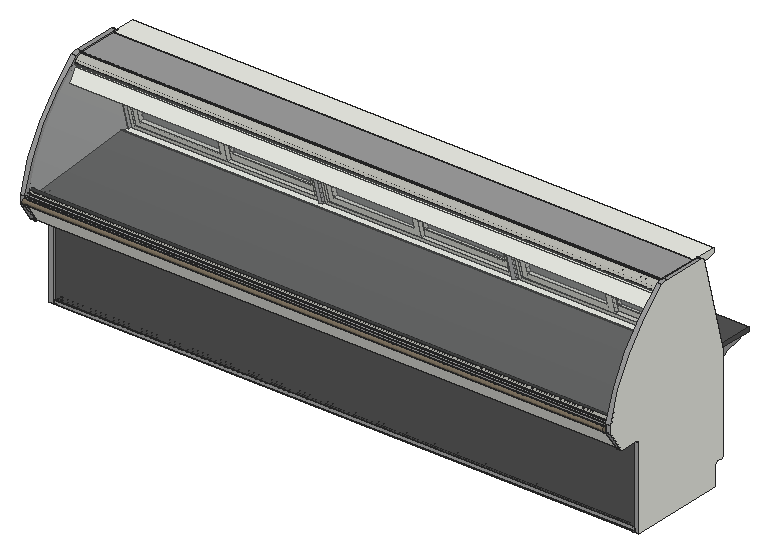
Revit family "CR1-FN_2014", category Specialty Equipment, Revit 2014
Parameters (values of type "12'-0" Length")
  Width = 144"
  Waste Drain = 1 1/2"  # constant formula
  URL = "www.hussmann.com"
  Type Comments = "Chino"  # constant formula
  Trim = Stainless Steel
  Total Weight = Case Weight + (2 * End Weight)  # 0.00 lbf
  Splashguard = Textured Sheet Metal (Steel Painted) - 701 Black
  Side Panel - Right [instance] = yes
  Side Panel - Left [instance] = yes
  Shelves = Sheet Metal (Steel Painted) - 701 Black
  Revit Family Date = "04/20/2016"  # constant formula
  Refrigeration Lines Suction = 5/8"  # constant formula
  Refrigeration Lines Liquid = 3/8"  # constant formula
  Refrig. Suction = "Suction"
  Refrig. Liquid = "Liquid"
  Number of Supports = if(Width < 50", 2, if(Width < 100", 3, 4))  # 4
  Note from Manufacturer = "This model only comes in 4'-0\", 5'-0\", 6'-0\", 8'-0\", 10'-0\" and 12'-0\" lengths."
  Model URL = "http://www.hussmann.com/en/product%20viewer/display-cases/R1-MN,%20CR1-MN,%20R1-FN,%20CR1-FN"
  Model = "CR1-FN"  # constant formula
  Manufacturer Disclaimer = "The information in this file is not intended to be an exact representation of the corresponding Hussmann product.  Further, we reserve the right to change or revise specifications and product design in connection with any feature of our products. Such changes do not entitle the buyer to corresponding changes, improvements, additions, or replacements for equipment previously sold or shipped."  # constant formula
  Manufacturer = "Hussmann Corporation"  # constant formula
  Height = 52 1/4"  # constant formula
  Glazing = Glass
  Ends = Textured Sheet Metal (Steel Painted) - 149 White Satin Matte
  End Weight = 0.00 lbf  # constant formula
  Door Frame = Plastic - 144 Mist Gray
  Description = "Narrow Footprint Service Merchandiser for Fresh Seafood - Curved Glass"  # constant formula
  Depth = 35 1/4"  # constant formula
  Cutsheet URL = "http://www.hussmann.com/en/Technical%20Documents/R1-MN,%20R1-FN_ds_En.pdf"
  Close Off Panel = Textured Sheet Metal (Steel Painted) - 701 Black
  Case Weight = if(Width = 48", 0.00 lbf, if(Width = 60", 0.00 lbf, if(Width = 72", 0.00 lbf, if(Width = 96", 0.00 lbf, if(Width = 120", 0.00 lbf, if(Width = 144", 0.00 lbf, 0.00 lbf))))))  # 0.00 lbf
  Case Top Shelf = Stainless Steel
  Case Interior - Side Panel = Stainless Steel
  Case Interior - Back Panel = Stainless Steel
  Case = Textured Sheet Metal (Steel Painted) - 149 White Satin Matte
  Bumper = Extruded PVC - 747 Chocolate Brown
  Assembly Code = ""
  Accessories/Options = ""
  8 Case = Width = 96"  # no
  6 Case = Width = 72"  # no
  5 Case = Width = 60"  # no
  4 Case = Width = 48"  # no
  12 Case = Width = 144"  # yes
  10 Case = Width = 120"  # no
Reference planes (in)
  plane 1 "Back": y = 0
  plane 2 "Bottom": z = 0
  plane 3 "Left": x = -77.30699
  plane 4 "Front": y = -35.25
  plane 5 "Center (Left/Right)": x = -5.30699
  plane 6: x = -78.43199
  plane 7 "Right": x = 66.69301
  plane 8: x = 67.81801
  plane 9: z = 30
  plane 10: z = 52.25
Forms (in)
  Extrusion 1, solid, material "Metal - Copper"
    sketch origin (57.40105, 5, -0.375) x (1, 0, 0) y (0, 1, 0)
      loop
        circle (6.97946, -27.375) r 0.28859
      loop
        circle (6.97946, -27.375) r 0.3125
    from 23.80406 to 0.375
  Extrusion 2, solid, material "Metal - Copper"
    sketch origin (59.82608, 5, -0.375) x (1, 0, 0) y (0, 1, 0)
      loop
        circle (5.05443, -27.375) r 0.17188
      loop
        circle (5.05443, -27.375) r 0.1875
    from 23.80406 to 0.375
  Extrusion 3, solid, material "Metal - Copper"
    sketch origin (-56.6875, 1.04319, 0) x (1, 0, 0) y (0, 1, 0)
      loop
        arc (57.38051, -17.29319) -> (56.85018, -17.51286) -> (56.63051, -18.04319) r 0.75
        arc (56.63051, -18.04319) -> (56.85018, -18.57352) -> (57.38051, -18.79319) r 0.75
        arc (57.38051, -18.79319) -> (57.91084, -18.57352) -> (58.13051, -18.04319) r 0.75
        arc (58.13051, -18.04319) -> (57.91084, -17.51286) -> (57.38051, -17.29319) r 0.75
      loop
        circle (57.38051, -18.04319) r 0.7102
    from 24.99156 to 0
  Extrusion 4, solid, material "Textured Sheet Metal (Steel Painted) - 149 White Satin Matte" <- "Case"
    sketch origin (-77.30699, 0, 0) x (0, 1, 0) y (0, 0, 1)
      loop
        line (-30.84172, 21.06432) -> (-25.27514, 21.06432) -> (-25.27514, 23.42906) -> (-3.34539, 23.42906) -> (-3.34539, 22.16643) -> (-0.27239, 22.16643) -> (-0.27239, 29.18715) -> (-0.98482, 29.18715) -> (-2.04199, 28.90389) -> (-2.11789, 29.18715) -> (-4.09438, 29.18715) -> (-4.09438, 25.60021) -> (-15.01926, 24.99156) -> (-19.01926, 24.99156) -> (-28.82654, 25.61227) -> (-32.00265, 27.446) -> (-32.00265, 28.17431) -> (-32.67958, 28.17431) -> (-33.33884, 27.31514) -> (-34.35313, 27.79886) -> (-34.38004, 27.74244) -> (-34.38004, 26.30682) -> (-30.84172, 21.06432)
      loop
        spline (-18.1628, 46.64674) -> (-18.15841, 46.59034) -> (-18.14922, 46.53453) -> (-18.13529, 46.4797) -> (-18.11673, 46.42626) -> (-18.09367, 46.3746) -> (-18.06629, 46.3251) -> (-18.03477, 46.27812) -> (-17.99936, 46.234) -> (-17.96031, 46.19306) -> (-17.91791, 46.15561) -> (-17.87246, 46.12191) -> (-17.8243, 46.09222)
        line (-17.8243, 46.09222) -> (-15.71859, 44.91503)
        spline (-15.71859, 44.91503) -> (-15.70908, 44.90986) -> (-15.69935, 44.9051) -> (-15.68943, 44.90077) -> (-15.67933, 44.89688) -> (-15.66907, 44.89342) -> (-15.65867, 44.89042) -> (-15.64815, 44.88786) -> (-15.63752, 44.88576) -> (-15.62682, 44.88413) -> (-15.61606, 44.88296) -> (-15.60526, 44.88226) -> (-15.59443, 44.88202)
        line (-15.59443, 44.88202) -> (-12.232, 44.88202)
        spline (-12.232, 44.88202) -> (-12.22654, 44.88196) -> (-12.22109, 44.88179) -> (-12.21565, 44.88149) -> (-12.21021, 44.88107) -> (-12.20479, 44.88054) -> (-12.19937, 44.87989) -> (-12.19398, 44.87912) -> (-12.1886, 44.87823) -> (-12.18324, 44.87722) -> (-12.1779, 44.8761) -> (-12.17259, 44.87487) -> (-12.16731, 44.87351)
        line (-12.16731, 44.87351) -> (-10.33991, 44.38409)
        arc (-10.33991, 44.38409) -> (-10.2034, 44.40208) -> (-10.11957, 44.51132) r 0.17993
        line (-10.11957, 44.51132) -> (-9.78996, 45.74108)
        arc (-9.78996, 45.74108) -> (-9.74827, 45.84171) -> (-9.68194, 45.92812) r 0.41714
        line (-9.68194, 45.92812) -> (-9.37759, 46.23235)
        arc (-9.37759, 46.23235) -> (-9.3379, 46.28405) -> (-9.31295, 46.34427) r 0.24962
        line (-9.31295, 46.34427) -> (-8.76358, 48.39393)
        spline (-8.76358, 48.39393) -> (-8.76334, 48.40743) -> (-8.76128, 48.42076) -> (-8.75745, 48.4337) -> (-8.75191, 48.44601) -> (-8.74476, 48.45745) -> (-8.73614, 48.46784) -> (-8.7262, 48.47696) -> (-8.71512, 48.48467) -> (-8.7031, 48.49081) -> (-8.69037, 48.49528) -> (-8.67715, 48.498) -> (-8.66369, 48.49891)
        line (-8.66369, 48.49891) -> (-8.06626, 48.49891) -> (-8.4241, 49.83433) -> (-6.13545, 49.83433) -> (-5.50393, 50.01575) -> (-5.61131, 50.47827) -> (-5.38564, 50.53874) -> (-5.26398, 50.08468) -> (-1.09423, 51.31845) -> (-1.09423, 52.326) -> (-7.11548, 52.326) -> (-7.11548, 51.90126) -> (-17.01748, 51.90126) -> (-17.01748, 52.27133) -> (-17.11722, 52.27133)
        arc (-17.11722, 52.27133) -> (-17.28659, 52.04813) -> (-17.37339, 51.78172) r 0.84252
        arc (-17.37339, 51.78172) -> (-17.38691, 51.48734) -> (-17.34223, 51.19605) r 1.49024
        arc (-17.34223, 51.19605) -> (-17.18079, 51.10121) -> (-17.01748, 51.19277) r 0.18807
        line (-17.01748, 51.19277) -> (-17.01748, 49.76933) -> (-18.96826, 49.76933) -> (-20.75246, 46.94915) -> (-20.55711, 46.94915) -> (-18.93107, 49.51933) -> (-18.26328, 49.51933) -> (-18.1628, 46.64674)
    from 0 to 144 <- "Width"
  Extrusion 5, solid, material "Textured Sheet Metal (Steel Painted) - 701 Black" <- "Close Off Panel"
    sketch origin (-77.30699, 0, 0) x (0, 1, 0) y (0, 0, 1)
      loop
        line (-24.72206, 22.55058) -> (-25.22206, 22.55058) -> (-25.22206, 0.25) -> (-24.72206, 0.25) -> (-24.72206, 22.55058)
    from 0 to 144 <- "Width"
  Extrusion 6, solid, material "Stainless Steel"
    sketch origin (-77.30699, 0, 0) x (0, 1, 0) y (0, 0, 1)
      loop
        line (-25.36633, 0.092) -> (-25.36633, 1) -> (-25.42833, 1) -> (-25.42833, 0.092)
        arc (-25.42833, 0.092) -> (-25.40138, 0.02695) -> (-25.33633, 0) r 0.092
        line (-25.33633, 0) -> (-24.62706, 0)
        arc (-24.62706, 0) -> (-24.56201, 0.02695) -> (-24.53506, 0.092) r 0.092
        line (-24.53506, 0.092) -> (-24.53506, 0.846)
        arc (-24.53506, 0.846) -> (-24.50343, 0.76963) -> (-24.42706, 0.738) r 0.108
        line (-24.42706, 0.738) -> (-23.70306, 0.738)
        arc (-23.70306, 0.738) -> (-23.68185, 0.72921) -> (-23.67306, 0.708) r 0.03
        line (-23.67306, 0.708) -> (-23.67306, 0.108)
        arc (-23.67306, 0.108) -> (-23.64143, 0.03163) -> (-23.56506, 0) r 0.108
        line (-23.56506, 0) -> (-21.96506, 0)
        arc (-21.96506, 0) -> (-21.8887, 0.03163) -> (-21.85706, 0.108) r 0.108
        line (-21.85706, 0.108) -> (-21.85706, 0.708)
        arc (-21.85706, 0.708) -> (-21.84828, 0.72921) -> (-21.82706, 0.738) r 0.03
        line (-21.82706, 0.738) -> (-21.12106, 0.738) -> (-21.12106, 0.816) -> (-21.82706, 0.816)
        arc (-21.82706, 0.816) -> (-21.90343, 0.78437) -> (-21.93506, 0.708) r 0.108
        line (-21.93506, 0.708) -> (-21.93506, 0.108)
        arc (-21.93506, 0.108) -> (-21.94385, 0.08679) -> (-21.96506, 0.078) r 0.03
        line (-21.96506, 0.078) -> (-22.00606, 0.078) -> (-23.52999, 0.078) -> (-23.56506, 0.078)
        arc (-23.56506, 0.078) -> (-23.58628, 0.08679) -> (-23.59506, 0.108) r 0.03
        line (-23.59506, 0.108) -> (-23.59506, 0.708)
        arc (-23.59506, 0.708) -> (-23.6267, 0.78437) -> (-23.70306, 0.816) r 0.108
        line (-23.70306, 0.816) -> (-24.42706, 0.816)
        arc (-24.42706, 0.816) -> (-24.44828, 0.82479) -> (-24.45706, 0.846) r 0.03
        line (-24.45706, 0.846) -> (-24.45706, 1.614) -> (-24.53506, 1.614) -> (-24.59706, 1.614) -> (-24.59706, 0.092)
        arc (-24.59706, 0.092) -> (-24.60585, 0.07079) -> (-24.62706, 0.062) r 0.03
        line (-24.62706, 0.062) -> (-25.33633, 0.062)
        arc (-25.33633, 0.062) -> (-25.35754, 0.07079) -> (-25.36633, 0.092) r 0.03
      loop
        line (-5.6802, 0.816) -> (-5.6802, 0.738) -> (-4.9742, 0.738)
        arc (-4.9742, 0.738) -> (-4.95298, 0.72921) -> (-4.9442, 0.708) r 0.03
        line (-4.9442, 0.708) -> (-4.9442, 0.108)
        arc (-4.9442, 0.108) -> (-4.91256, 0.03163) -> (-4.8362, 0) r 0.108
        line (-4.8362, 0) -> (-3.2362, 0)
        arc (-3.2362, 0) -> (-3.15983, 0.03163) -> (-3.1282, 0.108) r 0.108
        line (-3.1282, 0.108) -> (-3.1282, 0.708)
        arc (-3.1282, 0.708) -> (-3.11941, 0.72921) -> (-3.0982, 0.738) r 0.03
        line (-3.0982, 0.738) -> (-2.3742, 0.738)
        arc (-2.3742, 0.738) -> (-2.29783, 0.76963) -> (-2.2662, 0.846) r 0.108
        line (-2.2662, 0.846) -> (-2.2662, 1.614) -> (-2.3442, 1.614) -> (-2.3442, 0.816) -> (-3.0982, 0.816)
        arc (-3.0982, 0.816) -> (-3.17456, 0.78437) -> (-3.2062, 0.708) r 0.108
        line (-3.2062, 0.708) -> (-3.2062, 0.078) -> (-4.79099, 0.078) -> (-4.8662, 0.078) -> (-4.8662, 0.708)
        arc (-4.8662, 0.708) -> (-4.89783, 0.78437) -> (-4.9742, 0.816) r 0.108
        line (-4.9742, 0.816) -> (-5.6802, 0.816)
      loop
        arc (-34.34045, 27.83461) -> (-34.40227, 27.82972) -> (-34.43186, 27.77522) r 0.065
        line (-34.43186, 27.77522) -> (-34.43186, 25.97822)
        arc (-34.43186, 25.97822) -> (-34.36686, 25.91322) -> (-34.30186, 25.97822) r 0.065
        line (-34.30186, 25.97822) -> (-34.30186, 26.19099) -> (-34.33686, 26.24285) -> (-34.33686, 25.97822)
        arc (-34.33686, 25.97822) -> (-34.36686, 25.94822) -> (-34.39686, 25.97822) r 0.03
        line (-34.39686, 25.97822) -> (-34.39686, 27.77522)
        arc (-34.39686, 27.77522) -> (-34.38321, 27.80037) -> (-34.35467, 27.80263) r 0.03
        line (-34.35467, 27.80263) -> (-34.13052, 27.70293) -> (-34.1163, 27.73491) -> (-34.34045, 27.83461)
      loop
        line (-31.79517, 28.21086) -> (-31.79517, 27.49715)
        arc (-31.79517, 27.49715) -> (-31.78646, 27.46465) -> (-31.76267, 27.44085) r 0.065
        line (-31.76267, 27.44085) -> (-31.23128, 27.13405) -> (-30.79826, 26.88405) -> (-30.26687, 26.57725) -> (-30.15862, 26.51475) -> (-29.634, 26.21186)
        arc (-29.634, 26.21186) -> (-29.61278, 26.20414) -> (-29.59021, 26.20414) r 0.065
        line (-29.59021, 26.20414) -> (-28.76379, 26.34986)
        arc (-28.76379, 26.34986) -> (-28.74137, 26.34489) -> (-28.72903, 26.32553) r 0.03
        line (-28.72903, 26.32553) -> (-28.63241, 25.77756)
        arc (-28.63241, 25.77756) -> (-28.60568, 25.7356) -> (-28.55711, 25.72483) r 0.065
        line (-28.55711, 25.72483) -> (-27.32912, 25.94136)
        arc (-27.32912, 25.94136) -> (-27.3067, 25.93639) -> (-27.29436, 25.91703) r 0.03
        line (-27.29436, 25.91703) -> (-27.24406, 25.63173)
        arc (-27.24406, 25.63173) -> (-27.22394, 25.59507) -> (-27.18565, 25.57826) r 0.065
        line (-27.18565, 25.57826) -> (-26.73286, 25.53905) -> (-26.72984, 25.57392) -> (-27.18263, 25.61313)
        arc (-27.18263, 25.61313) -> (-27.2003, 25.62089) -> (-27.20959, 25.6378) r 0.03
        line (-27.20959, 25.6378) -> (-27.2599, 25.9231)
        arc (-27.2599, 25.9231) -> (-27.28663, 25.96506) -> (-27.3352, 25.97583) r 0.065
        line (-27.3352, 25.97583) -> (-28.56319, 25.7593)
        arc (-28.56319, 25.7593) -> (-28.58561, 25.76427) -> (-28.59794, 25.78363) r 0.03
        line (-28.59794, 25.78363) -> (-28.69456, 26.33161)
        arc (-28.69456, 26.33161) -> (-28.72129, 26.37356) -> (-28.76986, 26.38433) r 0.065
        line (-28.76986, 26.38433) -> (-29.60704, 26.23671) -> (-30.14112, 26.54506) -> (-30.24937, 26.60756) -> (-30.78076, 26.91436) -> (-31.21378, 27.16436) -> (-31.74517, 27.47117)
        arc (-31.74517, 27.47117) -> (-31.75615, 27.48215) -> (-31.76017, 27.49715) r 0.03
        line (-31.76017, 27.49715) -> (-31.76017, 28.19844)
        arc (-31.76017, 28.19844) -> (-31.76512, 28.22331) -> (-31.77921, 28.2444) r 0.065
        line (-31.77921, 28.2444) -> (-32.2726, 28.73779)
        arc (-32.2726, 28.73779) -> (-32.32282, 28.75669) -> (-32.37014, 28.73139) r 0.065
        line (-32.37014, 28.73139) -> (-33.27593, 27.55053) -> (-33.40384, 27.34976) -> (-33.37432, 27.33095) -> (-33.24642, 27.53172) -> (-32.34237, 28.71009)
        arc (-32.34237, 28.71009) -> (-32.32053, 28.72177) -> (-32.29735, 28.71304) r 0.03
        line (-32.29735, 28.71304) -> (-31.79517, 28.21086)
    from 0 to 144 <- "Width"
  Extrusion 7, solid, material "Extruded PVC - 747 Chocolate Brown" <- "Bumper"
    sketch origin (-77.30699, 0, 0) x (0, 1, 0) y (0, 0, 1)
      loop
        line (-34.43186, 26.32272) -> (-34.43186, 27.44772) -> (-34.74777, 27.44772)
        arc (-34.74777, 27.44772) -> (-35.25, 26.88522) -> (-34.74777, 26.32272) r 0.56612
        line (-34.74777, 26.32272) -> (-34.43186, 26.32272)
    from 0 to 144 <- "Width"
  Extrusion 8, solid, material "Glass" <- "Glazing"
    sketch origin (-77.30699, 0, 0) x (0, 1, 0) y (0, 0, 1)
      loop
        line (-18.61519, 51.13514) -> (-18.46685, 50.94031)
        arc (-18.46685, 50.94031) -> (-27.79303, 40.78575) -> (-33.09855, 28.06002) r 39.83101
        line (-33.09855, 28.06002) -> (-33.34154, 28.1189)
        arc (-33.34154, 28.1189) -> (-28.0023, 40.92252) -> (-18.61829, 51.1392) r 40.08099
    from 0 to 144 <- "Width"
  Extrusion 9, solid, material "Stainless Steel" <- "Case Interior - Back Panel"
    sketch origin (-77.30699, 0, 0) x (0, 1, 0) y (0, 0, 1)
      loop
        line (-0.24906, 7.28528) -> (-15.30136, 7.28528) -> (-15.30136, 23.36643) -> (-15.34936, 23.36643) -> (-15.34936, 7.23728) -> (-0.28406, 7.23728) -> (-0.28406, 5.91743)
        arc (-0.28406, 5.91743) -> (-0.29285, 5.89622) -> (-0.31406, 5.88743) r 0.03
        line (-0.31406, 5.88743) -> (-0.94208, 5.88743)
        arc (-0.94208, 5.88743) -> (-0.96506, 5.89814) -> (-0.97162, 5.92264) r 0.03
        line (-0.97162, 5.92264) -> (-0.93342, 6.1393) -> (-0.96789, 6.14537) -> (-1.00609, 5.92872)
        arc (-1.00609, 5.92872) -> (-0.99187, 5.87565) -> (-0.94208, 5.85243) r 0.065
        line (-0.94208, 5.85243) -> (-0.31406, 5.85243)
        arc (-0.31406, 5.85243) -> (-0.2681, 5.87147) -> (-0.24906, 5.91743) r 0.065
        line (-0.24906, 5.91743) -> (-0.24906, 7.28528)
    from 0 to 144 <- "Width"
  Extrusion 10, solid, material "Stainless Steel"
    sketch origin (-77.30699, 0, 0) x (0, 1, 0) y (0, 0, 1)
      loop
        line (-2.2662, 1.614) -> (-2.2662, 6.49443) -> (-0.34418, 6.49443) -> (-0.40618, 6.55643) -> (-2.33206, 6.55643) -> (-2.33206, 1.614) -> (-2.2662, 1.614)
    from 0 to 144 <- "Width"
  Extrusion 11, solid, material "Plastic - 144 Mist Gray" <- "Door Frame"
    sketch origin (-77.30699, 0, 0) x (0, 1, 0) y (0, 0, 1)
      loop
        line (-33.34254, 28.11914) -> (-33.17323, 28.81792) -> (-33.23346, 28.83251) -> (-33.40278, 28.13373)
        arc (-33.40278, 28.13373) -> (-33.39545, 28.08685) -> (-33.35712, 28.05888) r 0.062
        line (-33.35712, 28.05888) -> (-33.11474, 28.00098)
        arc (-33.11474, 28.00098) -> (-33.06852, 28.00892) -> (-33.04095, 28.04686) r 0.06227
        line (-33.04095, 28.04686) -> (-33.03308, 28.08039)
        arc (-33.03308, 28.08039) -> (-33.005, 28.11833) -> (-32.95835, 28.12552) r 0.062
        line (-32.95835, 28.12552) -> (-32.88542, 28.10785)
        arc (-32.88542, 28.10785) -> (-32.83981, 28.16247) -> (-32.85944, 28.23088) r 0.07595
        line (-32.85944, 28.23088) -> (-32.88364, 28.17272) -> (-33.00279, 28.20157) -> (-32.88553, 28.68589) -> (-32.76412, 28.65647) -> (-32.77957, 28.59114)
        arc (-32.77957, 28.59114) -> (-32.72515, 28.64146) -> (-32.7388, 28.71431) r 0.07661
        line (-32.7388, 28.71431) -> (-32.92204, 28.75758) -> (-33.09148, 28.05831) -> (-33.34254, 28.11914)
      loop
        arc (-17.3582, 52.13261) -> (-18.3946, 51.64754) -> (-19.12489, 50.76658) r 2.61653
        arc (-19.12489, 50.76658) -> (-19.12703, 50.73262) -> (-19.10189, 50.70967) r 0.03937
        line (-19.10189, 50.70967) -> (-19.07411, 50.73126) -> (-19.05356, 50.70482)
        arc (-19.05356, 50.70482) -> (-18.77439, 50.92326) -> (-18.49329, 51.13922) r 40.04601
        line (-18.49329, 51.13922) -> (-18.34186, 50.94031)
        arc (-18.34186, 50.94031) -> (-18.63322, 50.71637) -> (-18.92251, 50.48975) r 39.79601
        line (-18.92251, 50.48975) -> (-18.90055, 50.46779)
        arc (-18.90055, 50.46779) -> (-18.92695, 50.42807) -> (-18.91539, 50.38179) r 0.05905
        line (-18.91539, 50.38179) -> (-18.83148, 50.2738) -> (-18.6916, 50.3825) -> (-18.21513, 49.76933) -> (-17.01748, 49.76933) -> (-17.01748, 50.87058)
        arc (-17.01748, 50.87058) -> (-17.46735, 51.4097) -> (-17.33658, 52.09958) r 0.82186
        arc (-17.33658, 52.09958) -> (-17.33599, 52.12356) -> (-17.3582, 52.13261) r 0.02111
    from 0 to 144 <- "Width"
  Extrusion 12, solid, material "Sheet Metal (Steel Painted) - 701 Black" <- "Shelves"
    sketch origin (-77.30699, 0, 0) x (0, 1, 0) y (0, 0, 1)
      loop
        line (-30.91799, 27.0696) -> (-31.33111, 27.35437)
        arc (-31.33111, 27.35437) -> (-31.40523, 27.33928) -> (-31.38734, 27.26579) r 0.0525
        line (-31.38734, 27.26579) -> (-31.06335, 27.07696) -> (-31.04573, 27.10719) -> (-31.36972, 27.29603)
        arc (-31.36972, 27.29603) -> (-31.37568, 27.32052) -> (-31.35097, 27.32555) r 0.0175
        line (-31.35097, 27.32555) -> (-30.94684, 27.04698)
        arc (-30.94684, 27.04698) -> (-30.92631, 27.03759) -> (-30.90381, 27.03579) r 0.065
        line (-30.90381, 27.03579) -> (-4.64726, 29.53943)
        arc (-4.64726, 29.53943) -> (-4.62831, 29.53486) -> (-4.61616, 29.51961) r 0.03
        line (-4.61616, 29.51961) -> (-4.54023, 29.30609) -> (-4.50726, 29.31781) -> (-4.58319, 29.53134)
        arc (-4.58319, 29.53134) -> (-4.6095, 29.56438) -> (-4.65057, 29.57427) r 0.065
        line (-4.65057, 29.57427) -> (-30.91799, 27.0696)
    from 0 to 144 <- "Width"
  Extrusion 13, solid, material "Textured Sheet Metal (Steel Painted) - 149 White Satin Matte" <- "Ends", visible <- "Side Panel - Left"
    sketch origin (-77.30699, 0, 0) x (0, 1, 0) y (0, 0, 1)
      loop
        arc (0.39527, 29.32126) -> (0.38946, 29.41128) -> (0.37212, 29.4998) r 0.7
        line (0.37212, 29.4998) -> (-5.5455, 51.9335)
        arc (-5.5455, 51.9335) -> (-5.79514, 52.30948) -> (-6.22235, 52.45496) r 0.7
        line (-6.22235, 52.45496) -> (-16.68943, 52.45496)
        arc (-16.68943, 52.45496) -> (-17.57387, 52.35986) -> (-18.41787, 52.07889) r 4.16006
        arc (-18.41787, 52.07889) -> (-28.42939, 41.28794) -> (-34.43186, 27.84751) r 45.08963
        line (-34.43186, 27.84751) -> (-34.43186, 25.90396)
        arc (-34.43186, 25.90396) -> (-34.42039, 25.82911) -> (-34.38703, 25.76112) r 0.25
        line (-34.38703, 25.76112) -> (-31.09677, 21.03518)
        arc (-31.09677, 21.03518) -> (-30.91789, 20.87767) -> (-30.68642, 20.82086) r 0.5
        line (-30.68642, 20.82086) -> (-26.22309, 20.82086)
        arc (-26.22309, 20.82086) -> (-25.72812, 20.61584) -> (-25.52309, 20.12086) r 0.7
        line (-25.52309, 20.12086) -> (-25.52309, 0) -> (-1.99218, 0) -> (-1.99218, 4.74571)
        arc (-1.99218, 4.74571) -> (-1.78716, 5.24069) -> (-1.29218, 5.44571) r 0.7
        line (-1.29218, 5.44571) -> (-0.30473, 5.44571)
        arc (-0.30473, 5.44571) -> (0.19024, 5.65074) -> (0.39527, 6.14571) r 0.7
        line (0.39527, 6.14571) -> (0.39527, 29.32126)
    from 0 to -1.125
  Extrusion 14, solid, material "Textured Sheet Metal (Steel Painted) - 149 White Satin Matte" <- "Ends", visible <- "Side Panel - Right"
    sketch origin (18.69301, 0, 0) x (0, 1, 0) y (0, 0, -1)
      loop
        line (0.39527, -29.32126) -> (0.39527, -6.14571)
        arc (0.39527, -6.14571) -> (0.19024, -5.65074) -> (-0.30473, -5.44571) r 0.7
        line (-0.30473, -5.44571) -> (-1.29218, -5.44571)
        arc (-1.29218, -5.44571) -> (-1.78716, -5.24069) -> (-1.99218, -4.74571) r 0.7
        line (-1.99218, -4.74571) -> (-1.99218, 0) -> (-25.52309, 0) -> (-25.52309, -20.12086)
        arc (-25.52309, -20.12086) -> (-25.72812, -20.61584) -> (-26.22309, -20.82086) r 0.7
        line (-26.22309, -20.82086) -> (-30.68642, -20.82086)
        arc (-30.68642, -20.82086) -> (-30.91789, -20.87767) -> (-31.09677, -21.03518) r 0.5
        line (-31.09677, -21.03518) -> (-34.38703, -25.76112)
        arc (-34.38703, -25.76112) -> (-34.42039, -25.82911) -> (-34.43186, -25.90396) r 0.25
        line (-34.43186, -25.90396) -> (-34.43186, -27.84751)
        arc (-34.43186, -27.84751) -> (-28.42939, -41.28794) -> (-18.41787, -52.07889) r 45.08963
        arc (-18.41787, -52.07889) -> (-17.57387, -52.35986) -> (-16.68943, -52.45496) r 4.16006
        line (-16.68943, -52.45496) -> (-6.22235, -52.45496)
        arc (-6.22235, -52.45496) -> (-5.79514, -52.30948) -> (-5.5455, -51.9335) r 0.7
        line (-5.5455, -51.9335) -> (0.37212, -29.4998)
        arc (0.37212, -29.4998) -> (0.38946, -29.41128) -> (0.39527, -29.32126) r 0.7
    from -48 to -49.125
  Extrusion 15, solid, material "Stainless Steel" <- "Case Top Shelf"
    sketch origin (-77.30699, 0, 0) x (0, 1, 0) y (0, 0, 1)
      loop
        line (-7.11548, 51.90126) -> (-7.11548, 52.233)
        arc (-7.11548, 52.233) -> (-7.14272, 52.29876) -> (-7.20848, 52.326) r 0.093
        line (-7.20848, 52.326) -> (-16.92448, 52.326)
        arc (-16.92448, 52.326) -> (-16.99024, 52.29876) -> (-17.01748, 52.233) r 0.093
        line (-17.01748, 52.233) -> (-17.01748, 51.90126) -> (-7.11548, 51.90126)
    from 0 to 144 <- "Width"
  Extrusion 16, solid, material "Stainless Steel" <- "Case Interior - Back Panel", visible <- "12 Case"
    sketch origin (-77.30699, 0, 0) x (0, 1, 0) y (0, 0, 1)
      loop
        line (-2.77626, 29.18715) -> (-0.03157, 29.18715) -> (-5.56377, 49.83433) -> (-8.30865, 49.83433) -> (-2.77626, 29.18715)
    from 0 to 0.5
  Extrusion 17, solid, material "Stainless Steel" <- "Case Interior - Back Panel", visible <- "12 Case"
    sketch origin (-77.30699, 0, 0) x (0, 1, 0) y (0, 0, 1)
      loop
        line (-2.77626, 29.18715) -> (-0.03157, 29.18715) -> (-5.56377, 49.83433) -> (-8.30865, 49.83433) -> (-2.77626, 29.18715)
    from 47.5 to 48.5
  Extrusion 18, solid, material "Stainless Steel" <- "Case Interior - Back Panel", visible <- "12 Case"
    sketch origin (-77.30699, 0, 0) x (0, 1, 0) y (0, 0, 1)
      loop
        line (-2.77626, 29.18715) -> (-0.03157, 29.18715) -> (-5.56377, 49.83433) -> (-8.30865, 49.83433) -> (-2.77626, 29.18715)
    from 95.5 to 96.5
  Extrusion 19, solid, material "Stainless Steel" <- "Case Interior - Back Panel", visible <- "12 Case"
    sketch origin (-77.30699, 0, 0) x (0, 1, 0) y (0, 0, 1)
      loop
        line (-2.77626, 29.18715) -> (-0.03157, 29.18715) -> (-5.56377, 49.83433) -> (-8.30865, 49.83433) -> (-2.77626, 29.18715)
    from 143.5 to 144
  Extrusion 20, solid, material "Stainless Steel" <- "Case Interior - Back Panel", visible <- "12 Case", not visible
    sketch origin (-77.30699, 0, 0) x (0, 1, 0) y (0, 0, 1)
      loop
        line (-2.77626, 29.18715) -> (-0.03157, 29.18715) -> (-5.56377, 49.83433) -> (-8.30865, 49.83433) -> (-2.77626, 29.18715)
    from 0 to 0.5
  Extrusion 21, solid, material "Stainless Steel" <- "Case Interior - Back Panel", visible <- "12 Case", not visible
    sketch origin (-77.30699, 0, 0) x (0, 1, 0) y (0, 0, 1)
      loop
        line (-2.77626, 29.18715) -> (-0.03157, 29.18715) -> (-5.56377, 49.83433) -> (-8.30865, 49.83433) -> (-2.77626, 29.18715)
    from 47.5 to 48.5
  Extrusion 22, solid, material "Stainless Steel" <- "Case Interior - Back Panel", visible <- "12 Case", not visible
    sketch origin (-77.30699, 0, 0) x (0, 1, 0) y (0, 0, 1)
      loop
        line (-2.77626, 29.18715) -> (-0.03157, 29.18715) -> (-5.56377, 49.83433) -> (-8.30865, 49.83433) -> (-2.77626, 29.18715)
    from 95.5 to 96.5
  Extrusion 23, solid, material "Stainless Steel" <- "Case Interior - Back Panel", visible <- "12 Case", not visible
    sketch origin (-77.30699, 0, 0) x (0, 1, 0) y (0, 0, 1)
      loop
        line (-2.77626, 29.18715) -> (-0.03157, 29.18715) -> (-5.56377, 49.83433) -> (-8.30865, 49.83433) -> (-2.77626, 29.18715)
    from 143.5 to 144
  Extrusion 24, solid, material "Stainless Steel" <- "Case Interior - Back Panel", visible <- "10 Case"
    sketch origin (-77.30699, 0, 0) x (0, 1, 0) y (0, 0, 1)
      loop
        line (-2.77626, 29.18715) -> (-0.03157, 29.18715) -> (-5.56377, 49.83433) -> (-8.30865, 49.83433) -> (-2.77626, 29.18715)
    from 0 to 0.5
  Extrusion 25, solid, material "Stainless Steel" <- "Case Interior - Back Panel", visible <- "10 Case"
    sketch origin (-77.30699, 0, 0) x (0, 1, 0) y (0, 0, 1)
      loop
        line (-2.77626, 29.18715) -> (-0.03157, 29.18715) -> (-5.56377, 49.83433) -> (-8.30865, 49.83433) -> (-2.77626, 29.18715)
    from 59.5 to 60.5
  Extrusion 26, solid, material "Stainless Steel" <- "Case Interior - Back Panel", visible <- "10 Case"
    sketch origin (-77.30699, 0, 0) x (0, 1, 0) y (0, 0, 1)
      loop
        line (-2.77626, 29.18715) -> (-0.03157, 29.18715) -> (-5.56377, 49.83433) -> (-8.30865, 49.83433) -> (-2.77626, 29.18715)
    from 119.5 to 120
  Extrusion 27, solid, material "Stainless Steel" <- "Case Interior - Back Panel", visible <- "10 Case", not visible
    sketch origin (-77.30699, 0, 0) x (0, 1, 0) y (0, 0, 1)
      loop
        line (-2.77626, 29.18715) -> (-0.03157, 29.18715) -> (-5.56377, 49.83433) -> (-8.30865, 49.83433) -> (-2.77626, 29.18715)
    from 0 to 0.5
  Extrusion 28, solid, material "Stainless Steel" <- "Case Interior - Back Panel", visible <- "10 Case", not visible
    sketch origin (-77.30699, 0, 0) x (0, 1, 0) y (0, 0, 1)
      loop
        line (-2.77626, 29.18715) -> (-0.03157, 29.18715) -> (-5.56377, 49.83433) -> (-8.30865, 49.83433) -> (-2.77626, 29.18715)
    from 59.5 to 60.5
  Extrusion 29, solid, material "Stainless Steel" <- "Case Interior - Back Panel", visible <- "10 Case", not visible
    sketch origin (-77.30699, 0, 0) x (0, 1, 0) y (0, 0, 1)
      loop
        line (-2.77626, 29.18715) -> (-0.03157, 29.18715) -> (-5.56377, 49.83433) -> (-8.30865, 49.83433) -> (-2.77626, 29.18715)
    from 119.5 to 120
  Extrusion 30, solid, material "Stainless Steel" <- "Case Interior - Back Panel", visible <- "8 Case"
    sketch origin (-77.30699, 0, 0) x (0, 1, 0) y (0, 0, 1)
      loop
        line (-2.77626, 29.18715) -> (-0.03157, 29.18715) -> (-5.56377, 49.83433) -> (-8.30865, 49.83433) -> (-2.77626, 29.18715)
    from 0 to 0.5
  Extrusion 31, solid, material "Stainless Steel" <- "Case Interior - Back Panel", visible <- "8 Case"
    sketch origin (-77.30699, 0, 0) x (0, 1, 0) y (0, 0, 1)
      loop
        line (-2.77626, 29.18715) -> (-0.03157, 29.18715) -> (-5.56377, 49.83433) -> (-8.30865, 49.83433) -> (-2.77626, 29.18715)
    from 47.5 to 48.5
  Extrusion 32, solid, material "Stainless Steel" <- "Case Interior - Back Panel", visible <- "8 Case"
    sketch origin (-77.30699, 0, 0) x (0, 1, 0) y (0, 0, 1)
      loop
        line (-2.77626, 29.18715) -> (-0.03157, 29.18715) -> (-5.56377, 49.83433) -> (-8.30865, 49.83433) -> (-2.77626, 29.18715)
    from 95.5 to 96
  Extrusion 33, solid, material "Stainless Steel" <- "Case Interior - Back Panel", visible <- "8 Case", not visible
    sketch origin (-77.30699, 0, 0) x (0, 1, 0) y (0, 0, 1)
      loop
        line (-2.77626, 29.18715) -> (-0.03157, 29.18715) -> (-5.56377, 49.83433) -> (-8.30865, 49.83433) -> (-2.77626, 29.18715)
    from 0 to 0.5
  Extrusion 34, solid, material "Stainless Steel" <- "Case Interior - Back Panel", visible <- "8 Case", not visible
    sketch origin (-77.30699, 0, 0) x (0, 1, 0) y (0, 0, 1)
      loop
        line (-2.77626, 29.18715) -> (-0.03157, 29.18715) -> (-5.56377, 49.83433) -> (-8.30865, 49.83433) -> (-2.77626, 29.18715)
    from 47.5 to 48.5
  Extrusion 35, solid, material "Stainless Steel" <- "Case Interior - Back Panel", visible <- "8 Case", not visible
    sketch origin (-77.30699, 0, 0) x (0, 1, 0) y (0, 0, 1)
      loop
        line (-2.77626, 29.18715) -> (-0.03157, 29.18715) -> (-5.56377, 49.83433) -> (-8.30865, 49.83433) -> (-2.77626, 29.18715)
    from 95.5 to 96
  Extrusion 36, solid, material "Stainless Steel" <- "Case Interior - Back Panel", visible <- "6 Case"
    sketch origin (-77.30699, 0, 0) x (0, 1, 0) y (0, 0, 1)
      loop
        line (-2.77626, 29.18715) -> (-0.03157, 29.18715) -> (-5.56377, 49.83433) -> (-8.30865, 49.83433) -> (-2.77626, 29.18715)
    from 0 to 0.5
  Extrusion 37, solid, material "Stainless Steel" <- "Case Interior - Back Panel", visible <- "6 Case"
    sketch origin (-77.30699, 0, 0) x (0, 1, 0) y (0, 0, 1)
      loop
        line (-2.77626, 29.18715) -> (-0.03157, 29.18715) -> (-5.56377, 49.83433) -> (-8.30865, 49.83433) -> (-2.77626, 29.18715)
    from 71.5 to 72
  Extrusion 38, solid, material "Stainless Steel" <- "Case Interior - Back Panel", visible <- "6 Case", not visible
    sketch origin (-77.30699, 0, 0) x (0, 1, 0) y (0, 0, 1)
      loop
        line (-2.77626, 29.18715) -> (-0.03157, 29.18715) -> (-5.56377, 49.83433) -> (-8.30865, 49.83433) -> (-2.77626, 29.18715)
    from 0 to 0.5
  Extrusion 39, solid, material "Stainless Steel" <- "Case Interior - Back Panel", visible <- "6 Case", not visible
    sketch origin (-77.30699, 0, 0) x (0, 1, 0) y (0, 0, 1)
      loop
        line (-2.77626, 29.18715) -> (-0.03157, 29.18715) -> (-5.56377, 49.83433) -> (-8.30865, 49.83433) -> (-2.77626, 29.18715)
    from 71.5 to 72
  Extrusion 40, solid, material "Stainless Steel" <- "Case Interior - Back Panel", visible <- "5 Case"
    sketch origin (-77.30699, 0, 0) x (0, 1, 0) y (0, 0, 1)
      loop
        line (-2.77626, 29.18715) -> (-0.03157, 29.18715) -> (-5.56377, 49.83433) -> (-8.30865, 49.83433) -> (-2.77626, 29.18715)
    from 0 to 0.5
  Extrusion 41, solid, material "Stainless Steel" <- "Case Interior - Back Panel", visible <- "5 Case"
    sketch origin (-77.30699, 0, 0) x (0, 1, 0) y (0, 0, 1)
      loop
        line (-2.77626, 29.18715) -> (-0.03157, 29.18715) -> (-5.56377, 49.83433) -> (-8.30865, 49.83433) -> (-2.77626, 29.18715)
    from 59.5 to 60
  Extrusion 42, solid, material "Stainless Steel" <- "Case Interior - Back Panel", visible <- "5 Case", not visible
    sketch origin (-77.30699, 0, 0) x (0, 1, 0) y (0, 0, 1)
      loop
        line (-2.77626, 29.18715) -> (-0.03157, 29.18715) -> (-5.56377, 49.83433) -> (-8.30865, 49.83433) -> (-2.77626, 29.18715)
    from 0 to 0.5
  Extrusion 43, solid, material "Stainless Steel" <- "Case Interior - Back Panel", visible <- "5 Case", not visible
    sketch origin (-77.30699, 0, 0) x (0, 1, 0) y (0, 0, 1)
      loop
        line (-2.77626, 29.18715) -> (-0.03157, 29.18715) -> (-5.56377, 49.83433) -> (-8.30865, 49.83433) -> (-2.77626, 29.18715)
    from 59.5 to 60
  Extrusion 44, solid, material "Stainless Steel" <- "Case Interior - Back Panel", visible <- "4 Case"
    sketch origin (-77.30699, 0, 0) x (0, 1, 0) y (0, 0, 1)
      loop
        line (-2.77626, 29.18715) -> (-0.03157, 29.18715) -> (-5.56377, 49.83433) -> (-8.30865, 49.83433) -> (-2.77626, 29.18715)
    from 0 to 0.5
  Extrusion 45, solid, material "Stainless Steel" <- "Case Interior - Back Panel", visible <- "4 Case"
    sketch origin (-77.30699, 0, 0) x (0, 1, 0) y (0, 0, 1)
      loop
        line (-2.77626, 29.18715) -> (-0.03157, 29.18715) -> (-5.56377, 49.83433) -> (-8.30865, 49.83433) -> (-2.77626, 29.18715)
    from 47.5 to 48
  Extrusion 46, solid, material "Stainless Steel" <- "Case Interior - Back Panel", visible <- "4 Case", not visible
    sketch origin (-77.30699, 0, 0) x (0, 1, 0) y (0, 0, 1)
      loop
        line (-2.77626, 29.18715) -> (-0.03157, 29.18715) -> (-5.56377, 49.83433) -> (-8.30865, 49.83433) -> (-2.77626, 29.18715)
    from 0 to 0.5
  Extrusion 47, solid, material "Stainless Steel" <- "Case Interior - Back Panel", visible <- "4 Case", not visible
    sketch origin (-77.30699, 0, 0) x (0, 1, 0) y (0, 0, 1)
      loop
        line (-2.77626, 29.18715) -> (-0.03157, 29.18715) -> (-5.56377, 49.83433) -> (-8.30865, 49.83433) -> (-2.77626, 29.18715)
    from 47.5 to 48
Lines and regions (in)
  reference lines
    curve 1: line (0.69301, -35.25, 0) -> (0.69301, 0, 0)
    curve 2: line (64.69301, -35.25, 0) -> (64.69301, 0, 0)
    curve 3: line (-77.30699, -17, 0) -> (66.69301, -17, 0)
    curve 4: line (66.69301, -22.375, 0) -> (-77.30699, -22.375, 0)
    curve 5: line (-75.30699, 3.1829, 0) -> (-75.30699, -42.6921, 0)
Dimensions and locks (in)
  equal spacing: plane 3 "Left", plane 5 "Center (Left/Right)", plane 7 "Right"
  locked: plane 6 to plane 3 "Left" at 1.125
  "Width": plane 3 "Left" to plane 7 "Right"
  locked: plane 5 "Center (Left/Right)" to curve 1 at 6
  "Depth": plane 4 "Front" to plane 1 "Back"
  curve 2 to plane 7 "Right" = 2"
  locked: plane 1 "Back" to curve 3 at 17
  locked: plane 1 "Back" to curve 4 at 22.375
  plane 7 "Right" to plane 8 = 1 1/8"
  locked: Extrusion 3 sketch curve to Extrusion 3 sketch curve at 0.0398
  locked: Extrusion 2 sketch curve to Extrusion 2 sketch curve at 0.01562
  locked: Extrusion 1 sketch curve to Extrusion 1 sketch curve at 0.02391
  "Height": plane 10 to level
  plane 3 "Left" to curve 5 = 2"
  equal spacing: group 1, group 15, group 16, group 2  (x3)
  "Waste Drain": diameter of Extrusion 3 sketch curve
  "Refrigeration Lines Liquid": diameter of Extrusion 2 sketch curve
  "Refrigeration Lines Suction": diameter of Extrusion 1 sketch curve
  aligned and locked: plane 4 "Front" to curve 1
  aligned and locked: plane 3 "Left" to curve 3
  aligned and locked: plane 3 "Left" to curve 4
  aligned and locked: plane 7 "Right" to curve 4
  aligned and locked: plane 7 "Right" to curve 3
  aligned and locked: Extrusion 1 to level
  aligned and locked: Extrusion 2 to level
  aligned and locked: curve 4 to Extrusion 2 sketch curve  (x4)
  aligned and locked: curve 4 to Extrusion 1 sketch curve  (x4)
  aligned and locked: curve 3 to Extrusion 3 sketch curve
  aligned and locked: curve 1 to Extrusion 3 sketch curve
  aligned and locked: curve 2 to Extrusion 2 sketch curve
  aligned and locked: curve 2 to Extrusion 1 sketch curve
  aligned and locked: curve 5 to nested 1
  aligned and locked: curve 2 to nested 2
  aligned and locked: plane 3 "Left" to nested 4
  aligned and locked: nested 4 to Extrusion 4
  aligned and locked: plane 3 "Left" to nested 24
  aligned and locked: Extrusion 4 to nested 25
  aligned and locked: plane 3 "Left" to nested 25
  aligned and locked: plane 3 "Left" to Extrusion 13
  aligned and locked: plane 6 to Extrusion 13
  aligned and locked: Extrusion 14 to plane 7 "Right"
  aligned and locked: plane 8 to Extrusion 14
  aligned and locked: Extrusion 3 to level
  aligned and locked: Extrusion 1 to Extrusion 2
  aligned and locked: Extrusion 1 to Extrusion 4
  aligned and locked: Extrusion 15 to plane 3 "Left"
Automatic sketch dimensions
  curve 2 to plane 4 "Front" = 0"
  plane 1 "Back" to curve 1 = 0"
  plane 1 "Back" to curve 2 = 0"
  curve 5 to plane 4 "Front" = 7.4421"
  curve 5 to plane 1 "Back" = 3.1829"
  plane 4 "Front" to Extrusion 4 sketch curve = 0.86996"
  Extrusion 4 sketch curve to Extrusion 4 sketch curve = 0.0269"
  Extrusion 4 sketch curve to Extrusion 4 sketch curve = 1.01429"
  Extrusion 4 sketch curve to Extrusion 4 sketch curve = 0.65926"
  Extrusion 4 sketch curve to Extrusion 4 sketch curve = 0.67693"
  plane 4 "Front" to Extrusion 4 sketch curve = 4.40828"
  Extrusion 4 sketch curve to Extrusion 4 sketch curve = 3.17611"
  Extrusion 4 sketch curve to Extrusion 4 sketch curve = 3.5514"
  Extrusion 4 sketch curve to plane 10 = 5.30085"
  plane 4 "Front" to Extrusion 4 sketch curve = 14.49754"
  Extrusion 4 sketch curve to Extrusion 4 sketch curve = 0.19535"
  Extrusion 4 sketch curve to plane 9 = 5.00844"
  Extrusion 4 sketch curve to Extrusion 4 sketch curve = 6.25588"
  Extrusion 4 sketch curve to plane 10 = 2.48067"
  Extrusion 4 sketch curve to Extrusion 4 sketch curve = 1.58884"
  Extrusion 4 sketch curve to plane 10 = 2.73067"
  Extrusion 4 sketch curve to Extrusion 4 sketch curve = 0.03719"
  Extrusion 4 sketch curve to Extrusion 4 sketch curve = 0.66779"
  Extrusion 4 sketch curve to plane 10 = 5.60326"
  Extrusion 4 sketch curve to Extrusion 4 sketch curve = 2.3943"
  Extrusion 4 sketch curve to plane 10 = 6.15778"
  Extrusion 4 sketch curve to Extrusion 4 sketch curve = 0.3385"
  Extrusion 4 sketch curve to plane 10 = 0.96073"
  Extrusion 4 sketch curve to Extrusion 4 sketch curve = 1.08439"
  plane 10 to Extrusion 4 sketch curve = 0.02133"
  Extrusion 4 sketch curve to Extrusion 4 sketch curve = 0.06167"
  Extrusion 4 sketch curve to Extrusion 4 sketch curve = 0.09975"
  Extrusion 4 sketch curve to plane 10 = 1.05723"
  Extrusion 4 sketch curve to Extrusion 4 sketch curve = 0.16142"
  Extrusion 4 sketch curve to Extrusion 4 sketch curve = 1.24581"
  Extrusion 4 sketch curve to Extrusion 4 sketch curve = 0.4774"
  Extrusion 4 sketch curve to Extrusion 4 sketch curve = 0.6413"
  Extrusion 4 sketch curve to Extrusion 4 sketch curve = 2.10571"
  Extrusion 4 sketch curve to Extrusion 4 sketch curve = 0.12416"
  Extrusion 4 sketch curve to Extrusion 4 sketch curve = 4"
  Extrusion 4 sketch curve to Extrusion 4 sketch curve = 3.36243"
  Extrusion 4 sketch curve to Extrusion 4 sketch curve = 0.06468"
  Extrusion 4 sketch curve to Extrusion 4 sketch curve = 1.8274"
  Extrusion 4 sketch curve to Extrusion 4 sketch curve = 0.04655"
  Extrusion 4 sketch curve to Extrusion 4 sketch curve = 0.17379"
  Extrusion 4 sketch curve to plane 10 = 6.50892"
  Extrusion 4 sketch curve to Extrusion 4 sketch curve = 0.32961"
  Extrusion 4 sketch curve to plane 10 = 6.32188"
  Extrusion 4 sketch curve to Extrusion 4 sketch curve = 0.10802"
  Extrusion 4 sketch curve to Extrusion 4 sketch curve = 0.12788"
  Extrusion 4 sketch curve to Extrusion 4 sketch curve = 0.2949"
  Extrusion 4 sketch curve to plane 10 = 6.01765"
  Extrusion 4 sketch curve to Extrusion 4 sketch curve = 0.17647"
  Extrusion 4 sketch curve to plane 10 = 5.90573"
  Extrusion 4 sketch curve to Extrusion 4 sketch curve = 0.06464"
  Extrusion 4 sketch curve to plane 10 = 3.85607"
  Extrusion 4 sketch curve to Extrusion 4 sketch curve = 0.54937"
  Extrusion 4 sketch curve to Extrusion 4 sketch curve = 0.09989"
  Extrusion 4 sketch curve to plane 10 = 2.41567"
  Extrusion 4 sketch curve to Extrusion 4 sketch curve = 0.23959"
  Extrusion 4 sketch curve to plane 10 = 3.75109"
  Extrusion 4 sketch curve to Extrusion 4 sketch curve = 0.59742"
  plane 10 to Extrusion 4 sketch curve = 0.076"
  Extrusion 4 sketch curve to Extrusion 4 sketch curve = 1.30862"
  Extrusion 4 sketch curve to Extrusion 4 sketch curve = 0.98002"
  Extrusion 4 sketch curve to plane 10 = 1.77173"
  Extrusion 4 sketch curve to Extrusion 4 sketch curve = 0.52414"
  Extrusion 4 sketch curve to plane 10 = 2.23425"
  Extrusion 4 sketch curve to Extrusion 4 sketch curve = 0.10738"
  Extrusion 4 sketch curve to plane 10 = 1.71126"
  Extrusion 4 sketch curve to Extrusion 4 sketch curve = 0.22567"
  Extrusion 4 sketch curve to plane 10 = 2.16532"
  plane 1 "Back" to Extrusion 4 sketch curve = 4.09438"
  Extrusion 4 sketch curve to Extrusion 4 sketch curve = 0.74899"
  Extrusion 4 sketch curve to plane 9 = 0.81285"  (x2)
  Extrusion 4 sketch curve to Extrusion 4 sketch curve = 1.97649"
  Extrusion 4 sketch curve to plane 9 = 1.09611"
  Extrusion 4 sketch curve to Extrusion 4 sketch curve = 0.0759"
  plane 1 "Back" to Extrusion 4 sketch curve = 1.09423"
  plane 1 "Back" to Extrusion 4 sketch curve = 0.27239"
  Extrusion 4 sketch curve to Extrusion 4 sketch curve = 1 9/16"
  Extrusion 4 sketch curve to Extrusion 4 sketch curve = 1.26264"
  Extrusion 4 sketch curve to Extrusion 4 sketch curve = 2.36474"
  Extrusion 4 sketch curve to Extrusion 4 sketch curve = 2.17114"
  Extrusion 4 sketch curve to Extrusion 4 sketch curve = 2.18321"
  Extrusion 4 sketch curve to plane 9 = 3.69318"
  Extrusion 4 sketch curve to Extrusion 4 sketch curve = 1.00832"
  Extrusion 4 sketch curve to Extrusion 4 sketch curve = 0.13086"
  Extrusion 4 sketch curve to Extrusion 4 sketch curve = 0.4273"
  Extrusion 4 sketch curve to Extrusion 4 sketch curve = 0.72831"
  Extrusion 4 sketch curve to Extrusion 4 sketch curve = 1.35699"
  Extrusion 4 sketch curve to Extrusion 4 sketch curve = 0.12722"
  Extrusion 4 sketch curve to Extrusion 4 sketch curve = 0.48942"
  Extrusion 4 sketch curve to Extrusion 4 sketch curve = 1.2102"
  Extrusion 4 sketch curve to Extrusion 4 sketch curve = 0.00851"
  Extrusion 4 sketch curve to Extrusion 4 sketch curve = 0.03301"
  Extrusion 4 sketch curve to plane 10 = 0.93155"
  Extrusion 4 sketch curve to plane 10 = 0.68348"
  Extrusion 4 sketch curve to plane 10 = 0.59246"
  Extrusion 4 sketch curve to plane 10 = 0.34874"
  Extrusion 4 sketch curve to Extrusion 4 sketch curve = 0.00054"
  Extrusion 4 sketch curve to Extrusion 4 sketch curve = 0.32309"
  Extrusion 4 sketch curve to Extrusion 4 sketch curve = 0.35592"
  Extrusion 4 sketch curve to Extrusion 4 sketch curve = 0.1214"
  Extrusion 4 sketch curve to Extrusion 4 sketch curve = 0"  (x3)
  Extrusion 4 sketch curve to Extrusion 4 sketch curve = 0.24952"
  Extrusion 4 sketch curve to Extrusion 4 sketch curve = 0.07802"
  plane 4 "Front" to Extrusion 5 sketch curve = 10.02794"
  Extrusion 5 sketch curve to Extrusion 5 sketch curve = 1/2"
  level to Extrusion 5 sketch curve = 1/4"
  Extrusion 5 sketch curve to plane 9 = 7.44942"
  Extrusion 6 sketch curve to Extrusion 6 sketch curve = 0"  (x34)
  Extrusion 6 sketch curve to level = 0"  (x3)
  plane 4 "Front" to Extrusion 6 sketch curve = 0.81814"
  Extrusion 6 sketch curve to Extrusion 6 sketch curve = 0.035"  (x2)
  Extrusion 6 sketch curve to Extrusion 6 sketch curve = 0.03"  (x14)
  Extrusion 6 sketch curve to Extrusion 6 sketch curve = 0.01219"
  Extrusion 6 sketch curve to Extrusion 6 sketch curve = 0.01422"  (x2)
  Extrusion 6 sketch curve to Extrusion 6 sketch curve = 0.22415"
  Extrusion 6 sketch curve to Extrusion 6 sketch curve = 0.72668"
  Extrusion 6 sketch curve to Extrusion 6 sketch curve = 0.02952"  (x2)
  Extrusion 6 sketch curve to Extrusion 6 sketch curve = 0.12791"
  Extrusion 6 sketch curve to Extrusion 6 sketch curve = 0.87628"
  Extrusion 6 sketch curve to plane 9 = 1.28991"
  Extrusion 6 sketch curve to Extrusion 6 sketch curve = 0.02777"
  Extrusion 6 sketch curve to Extrusion 6 sketch curve = 0.0238"
  Extrusion 6 sketch curve to plane 9 = 1.28696"
  Extrusion 6 sketch curve to Extrusion 6 sketch curve = 0.02121"
  Extrusion 6 sketch curve to plane 9 = 1.26221"
  Extrusion 6 sketch curve to Extrusion 6 sketch curve = 0.02475"
  Extrusion 6 sketch curve to Extrusion 6 sketch curve = 0.49339"
  Extrusion 6 sketch curve to plane 9 = 1.7556"
  Extrusion 6 sketch curve to Extrusion 6 sketch curve = 0.01596"
  Extrusion 6 sketch curve to plane 9 = 2.55915"
  Extrusion 6 sketch curve to Extrusion 6 sketch curve = 0.0325"
  Extrusion 6 sketch curve to plane 9 = 2.52883"
  Extrusion 6 sketch curve to Extrusion 6 sketch curve = 0.53139"  (x2)
  Extrusion 6 sketch curve to Extrusion 6 sketch curve = 0.0175"  (x4)
  Extrusion 6 sketch curve to Extrusion 6 sketch curve = 0.43301"
  Extrusion 6 sketch curve to Extrusion 6 sketch curve = 0.10825"
  Extrusion 6 sketch curve to Extrusion 6 sketch curve = 0.52462"
  Extrusion 6 sketch curve to Extrusion 6 sketch curve = 0.02696"
  Extrusion 6 sketch curve to Extrusion 6 sketch curve = 0.00554"
  Extrusion 6 sketch curve to Extrusion 6 sketch curve = 0.01683"
  Extrusion 6 sketch curve to Extrusion 6 sketch curve = 0.83163"
  Extrusion 6 sketch curve to Extrusion 6 sketch curve = 0.00608"  (x3)
  Extrusion 6 sketch curve to Extrusion 6 sketch curve = 0.00521"  (x5)
  Extrusion 6 sketch curve to plane 9 = 3.67447"
  Extrusion 6 sketch curve to Extrusion 6 sketch curve = 0.02954"  (x3)
  Extrusion 6 sketch curve to plane 9 = 3.66839"
  Extrusion 6 sketch curve to Extrusion 6 sketch curve = 0.03447"  (x5)
  Extrusion 6 sketch curve to Extrusion 6 sketch curve = 0.09662"
  Extrusion 6 sketch curve to plane 9 = 4.2407"
  Extrusion 6 sketch curve to Extrusion 6 sketch curve = 1.22799"
  Extrusion 6 sketch curve to plane 9 = 4.08297"
  Extrusion 6 sketch curve to plane 9 = 4.0769"
  Extrusion 6 sketch curve to Extrusion 6 sketch curve = 0.05031"
  Extrusion 6 sketch curve to plane 9 = 4.3622"
  Extrusion 6 sketch curve to plane 9 = 4.42174"
  Extrusion 6 sketch curve to Extrusion 6 sketch curve = 0.02394"
  Extrusion 6 sketch curve to plane 9 = 4.38687"
  Extrusion 6 sketch curve to Extrusion 6 sketch curve = 0.00302"
  Extrusion 6 sketch curve to Extrusion 6 sketch curve = 0.00259"
  Extrusion 6 sketch curve to Extrusion 6 sketch curve = 0.45279"
  Extrusion 6 sketch curve to plane 9 = 4.42608"
  level to Extrusion 6 sketch curve = 0.092"
  plane 4 "Front" to Extrusion 6 sketch curve = 9.82167"
  Extrusion 6 sketch curve to Extrusion 6 sketch curve = 0.062"  (x2)
  Extrusion 6 sketch curve to Extrusion 6 sketch curve = 0.70926"
  Extrusion 6 sketch curve to Extrusion 6 sketch curve = 0.76926"
  Extrusion 6 sketch curve to Extrusion 6 sketch curve = 0.078"  (x4)
  Extrusion 6 sketch curve to Extrusion 6 sketch curve = 0.724"  (x2)
  Extrusion 6 sketch curve to Extrusion 6 sketch curve = 0.03508"
  Extrusion 6 sketch curve to Extrusion 6 sketch curve = 1.52392"
  Extrusion 6 sketch curve to Extrusion 6 sketch curve = 0.041"
  Extrusion 6 sketch curve to Extrusion 6 sketch curve = 0.706"  (x2)
  level to Extrusion 6 sketch curve = 0.738"
  plane 1 "Back" to Extrusion 6 sketch curve = 5.6802"
  Extrusion 6 sketch curve to Extrusion 6 sketch curve = 0.04521"
  level to Extrusion 6 sketch curve = 0.108"
  Extrusion 6 sketch curve to Extrusion 6 sketch curve = 1.55479"
  Extrusion 6 sketch curve to Extrusion 6 sketch curve = 0.6"  (x3)
  Extrusion 6 sketch curve to Extrusion 6 sketch curve = 0.154"
  Extrusion 6 sketch curve to Extrusion 6 sketch curve = 0.768"  (x2)
  Extrusion 6 sketch curve to Extrusion 6 sketch curve = 0.01826"
  Extrusion 6 sketch curve to Extrusion 6 sketch curve = 1.51893"
  Extrusion 6 sketch curve to Extrusion 6 sketch curve = 0.21277"
  Extrusion 6 sketch curve to Extrusion 6 sketch curve = 0.12139"
  Extrusion 6 sketch curve to Extrusion 6 sketch curve = 0.00772"
  Extrusion 6 sketch curve to Extrusion 6 sketch curve = 0.03144"
  Extrusion 6 sketch curve to Extrusion 6 sketch curve = 0.05186"
  Extrusion 6 sketch curve to Extrusion 6 sketch curve = 0.30289"
  Extrusion 6 sketch curve to Extrusion 6 sketch curve = 0.03031"  (x4)
  Extrusion 6 sketch curve to Extrusion 6 sketch curve = 1/16"
  Extrusion 6 sketch curve to Extrusion 6 sketch curve = 0.3068"
  Extrusion 6 sketch curve to Extrusion 6 sketch curve = 1/4"
  Extrusion 6 sketch curve to Extrusion 6 sketch curve = 1.0881"
  Extrusion 6 sketch curve to Extrusion 6 sketch curve = 0.01881"
  Extrusion 6 sketch curve to Extrusion 6 sketch curve = 0.35317"
  Extrusion 6 sketch curve to Extrusion 6 sketch curve = 0.01243"
  plane 4 "Front" to Extrusion 7 sketch curve = 0.50223"  (x2)
  Extrusion 7 sketch curve to Extrusion 7 sketch curve = 0.06388"
  Extrusion 7 sketch curve to Extrusion 7 sketch curve = 0.31591"
  Extrusion 7 sketch curve to plane 9 = 3.67728"
  Extrusion 7 sketch curve to Extrusion 7 sketch curve = 9/16"
  Extrusion 8 sketch curve to Extrusion 8 sketch curve = 0"  (x2)
  plane 4 "Front" to Extrusion 8 sketch curve = 1.90846"
  Extrusion 8 sketch curve to Extrusion 8 sketch curve = 0.24299"
  Extrusion 8 sketch curve to plane 10 = 1.30969"
  plane 1 "Back" to Extrusion 8 sketch curve = 18.46685"
  Extrusion 8 sketch curve to plane 1 "Back" = 5.76327"
  Extrusion 8 sketch curve to plane 9 = 1.8811"
  Extrusion 8 sketch curve to Extrusion 8 sketch curve = 0.05888"
  Extrusion 8 sketch curve to Extrusion 8 sketch curve = 0.15144"
  Extrusion 8 sketch curve to plane 10 = 1.11486"
  Extrusion 8 sketch curve to Extrusion 8 sketch curve = 0.00311"
  Extrusion 9 sketch curve to Extrusion 9 sketch curve = 0"  (x4)
  level to Extrusion 9 sketch curve = 7.23728"
  plane 1 "Back" to Extrusion 9 sketch curve = 15.34936"
  Extrusion 9 sketch curve to Extrusion 9 sketch curve = 0.048"  (x2)
  plane 1 "Back" to Extrusion 9 sketch curve = 1.00609"
  Extrusion 9 sketch curve to Extrusion 9 sketch curve = 0.03447"  (x2)
  Extrusion 9 sketch curve to Extrusion 9 sketch curve = 0.0382"
  Extrusion 9 sketch curve to Extrusion 9 sketch curve = 0.02954"
  plane 1 "Back" to Extrusion 9 sketch curve = 0.31406"
  plane 1 "Back" to Extrusion 9 sketch curve = 0.28406"
  Extrusion 9 sketch curve to Extrusion 9 sketch curve = 0.035"
  Extrusion 9 sketch curve to Extrusion 9 sketch curve = 1.0919"
  Extrusion 9 sketch curve to Extrusion 9 sketch curve = 0.00521"
  Extrusion 9 sketch curve to plane 9 = 6.63357"
  plane 1 "Back" to Extrusion 10 sketch curve = 2.33206"
  Extrusion 10 sketch curve to Extrusion 10 sketch curve = 0.06587"
  plane 1 "Back" to Extrusion 10 sketch curve = 0.40618"
  Extrusion 10 sketch curve to Extrusion 10 sketch curve = 0.062"  (x2)
  level to Extrusion 10 sketch curve = 1.614"
  Extrusion 10 sketch curve to Extrusion 10 sketch curve = 4.88043"
  Extrusion 11 sketch curve to Extrusion 11 sketch curve = 0"  (x4)
  plane 4 "Front" to Extrusion 11 sketch curve = 1.84722"
  Extrusion 11 sketch curve to Extrusion 11 sketch curve = 0.04566"
  Extrusion 11 sketch curve to Extrusion 11 sketch curve = 0.06023"  (x2)
  Extrusion 11 sketch curve to Extrusion 11 sketch curve = 0.00002"
  Extrusion 11 sketch curve to Extrusion 11 sketch curve = 0.16932"
  Extrusion 11 sketch curve to plane 9 = 1.18208"
  Extrusion 11 sketch curve to Extrusion 11 sketch curve = 0.24238"
  Extrusion 11 sketch curve to Extrusion 11 sketch curve = 0.01334"
  Extrusion 11 sketch curve to Extrusion 11 sketch curve = 0.00992"
  Extrusion 11 sketch curve to Extrusion 11 sketch curve = 0.05053"
  Extrusion 11 sketch curve to Extrusion 11 sketch curve = 0.00787"
  Extrusion 11 sketch curve to Extrusion 11 sketch curve = 0.03028"
  Extrusion 11 sketch curve to Extrusion 11 sketch curve = 0.06013"
  Extrusion 11 sketch curve to Extrusion 11 sketch curve = 0.0146"
  Extrusion 11 sketch curve to plane 9 = 1.24242"
  Extrusion 11 sketch curve to Extrusion 11 sketch curve = 0.25118"
  Extrusion 11 sketch curve to Extrusion 11 sketch curve = 0.04423"
  Extrusion 11 sketch curve to Extrusion 11 sketch curve = 0.03651"
  Extrusion 11 sketch curve to plane 9 = 1.89215"
  Extrusion 11 sketch curve to Extrusion 11 sketch curve = 0.07293"
  Extrusion 11 sketch curve to Extrusion 11 sketch curve = 0.03048"
  Extrusion 11 sketch curve to Extrusion 11 sketch curve = 0.0242"
  Extrusion 11 sketch curve to Extrusion 11 sketch curve = 0.08765"
  Extrusion 11 sketch curve to plane 9 = 1.40886"
  Extrusion 11 sketch curve to Extrusion 11 sketch curve = 0.01831"
  Extrusion 11 sketch curve to Extrusion 11 sketch curve = 0.03376"
  Extrusion 11 sketch curve to plane 9 = 1.28569"
  Extrusion 11 sketch curve to Extrusion 11 sketch curve = 0.02531"
  Extrusion 11 sketch curve to plane 10 = 1.54033"
  plane 4 "Front" to Extrusion 11 sketch curve = 16.14811"
  Extrusion 11 sketch curve to Extrusion 11 sketch curve = 0.01136"
  Extrusion 11 sketch curve to plane 10 = 1.51874"
  Extrusion 11 sketch curve to Extrusion 11 sketch curve = 0.01642"
  Extrusion 11 sketch curve to plane 10 = 1.54518"
  Extrusion 11 sketch curve to plane 10 = 1.76025"
  Extrusion 11 sketch curve to Extrusion 11 sketch curve = 0.13106"
  Extrusion 11 sketch curve to plane 10 = 1.86821"
  Extrusion 11 sketch curve to Extrusion 11 sketch curve = 0.00712"
  Extrusion 11 sketch curve to plane 10 = 1.78221"
  Extrusion 11 sketch curve to Extrusion 11 sketch curve = 0.02196"
  Extrusion 11 sketch curve to Extrusion 11 sketch curve = 0.04663"
  Extrusion 11 sketch curve to plane 10 = 1.9762"
  Extrusion 11 sketch curve to Extrusion 11 sketch curve = 0.08391"
  Extrusion 11 sketch curve to plane 10 = 1.8675"
  Extrusion 11 sketch curve to plane 10 = 1.11078"
  Extrusion 11 sketch curve to Extrusion 11 sketch curve = 0.56027"
  Extrusion 11 sketch curve to plane 10 = 1.30969"
  Extrusion 11 sketch curve to plane 10 = 2.48067"
  Extrusion 11 sketch curve to plane 10 = 0.138"
  Extrusion 11 sketch curve to Extrusion 11 sketch curve = 1.13964"
  Extrusion 11 sketch curve to plane 10 = 1.37942"
  Extrusion 11 sketch curve to Extrusion 11 sketch curve = 0.33617"
  Extrusion 11 sketch curve to Extrusion 11 sketch curve = 0.22338"
  Extrusion 11 sketch curve to Extrusion 11 sketch curve = 0.3456"
  Extrusion 11 sketch curve to plane 1 "Back" = 5.76327"
  Extrusion 11 sketch curve to Extrusion 11 sketch curve = 0.05733"
  Extrusion 11 sketch curve to Extrusion 11 sketch curve = 0.01144"
  Extrusion 11 sketch curve to Extrusion 11 sketch curve = 0.06026"
  Extrusion 11 sketch curve to Extrusion 11 sketch curve = 0.0184"
  Extrusion 11 sketch curve to Extrusion 11 sketch curve = 0.03352"
  Extrusion 11 sketch curve to Extrusion 11 sketch curve = 0.06487"
  Extrusion 11 sketch curve to Extrusion 11 sketch curve = 0.00545"
  Extrusion 11 sketch curve to Extrusion 11 sketch curve = 0.07605"
  Extrusion 11 sketch curve to Extrusion 11 sketch curve = 0.00906"
